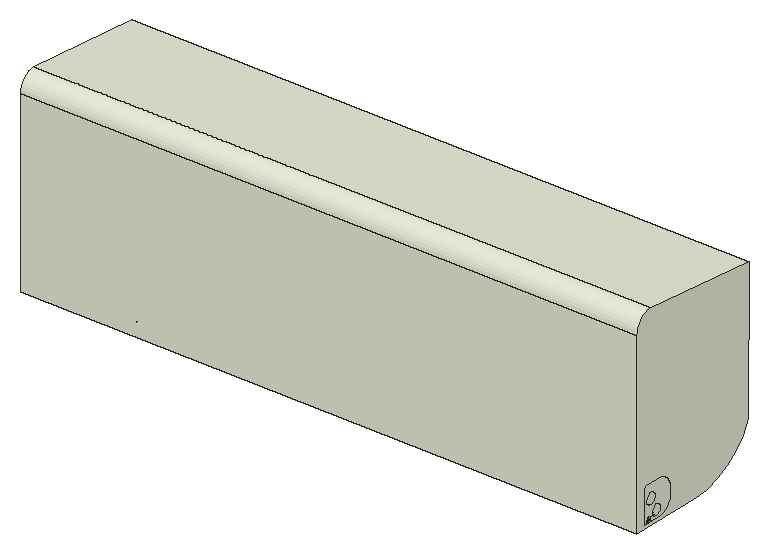
Revit family "Trane_TVR_Indoor_Wall mounted_4TVW0018EF000AA(2nd DC)", category Equipamento mecânico, Revit 2019
Family settings
  Cota do conector redondo = Utilizar diâmetro
  Tipo de parte = Normal
  Número OmniClass = 23.75.00.00
  Título OmniClass = Climate Control (HVAC)
  Com base no plano de trabalho = Não
  Sempre na vertical = Sim
  Corte com vazios quando carregada = Não
  Compartilhado = Não
  Ponto de cálculo do ambiente = Não
Parameters (values of type "4TVW0018EF000AA")
  clearance access right = 0.000 mm
  clearance access left = 0.000 mm
  clearance access front = 0.000 mm
  clearance access behind = 0.000 mm
  clearance [instance] = no
  Width = 990.000 mm
  URL = "https://www.trane.com/commercial/latin-america/br/pt.html"
  Series = "TVR ULTRA"
  Power supply = "220-240V ~50/60Hz"
  Panel color = "S1022"
  Net Weight = 12.80 kg
  Modelo = "4TVW0018EF000AA"
  Minimum Circuit Amps = 0.49 A
  Maximum Fuse Amps = 15 A
  Fabricante = "Trane"
  Machine material = Galvanized Steel
  Liquid pipe = 9.530 mm
  Installation = "Indoor installation"
  Height = 315.000 mm
  Heating Power Input = 45 W
  Heating Capacity = 6.3 kW
  Gas pipe = 15.900 mm
  Gas = "R410a"
  Descrição = "High efficiency air cooled"
  Depth = 223.000 mm
  Cooling Power Input = 45 W
  Cooling Capacity = 5.6 kW
  Condensation = "air"
  Air  Flow = "747/713/685/648/613/578/547 m3/h"
Reference planes
  plane 1 "center(front/back)": y = 0
  plane 2: z = 0
  plane 3 "center(left/right)": x = 0
  plane 4: z = 315
Forms (mm)
  Extrusion 1, solid, material "Galvanized Steel" <- "Machine material", detail levels fine
    sketch origin (0, 125, 12.5) x (0, 1, 0) y (0, 0, 1)
      loop
        circle (-113.005, 29.131) r 8.25
    from -327.547 to 495
  Extrusion 2, solid, material "Galvanized Steel" <- "Machine material", detail levels fine
    sketch origin (0, 123.592, 9.769) x (0, 1, 0) y (0, 0, 1)
      loop
        circle (-100.476, 10.907) r 7.95
    from -327.547 to 495
  Extrusion 3, solid, material "Galvanized Steel" <- "Machine material", detail levels fine
    sketch origin (0, 127.199, 0) x (0, 1, 0) y (0, 0, 1)
      loop
        circle (-119.554, 12.9) r 4.765
    from -327.547 to 495
  Extrusion 4, solid, material "Galvanized Steel" <- "Machine material", detail levels medium+fine
    sketch origin (0, 0, 0) x (0, 1, 0) y (0, 0, 1)
      loop
        line (-15.153, 3.096) -> (102.269, 3.096)
        arc (102.269, 3.096) -> (164.737, 21.198) -> (207.847, 69.896) r 116.833
        line (207.847, 69.896) -> (207.847, 295.428) -> (12.607, 314.663)
        arc (12.607, 314.663) -> (-7.022, 306.533) -> (-15.153, 286.904) r 27.759
        line (-15.153, 286.904) -> (-15.153, 3.096)
    from 495 to -495
  Extrusion 5, solid, material "Galvanized Steel" <- "Machine material", detail levels fine
    sketch origin (0, 0, 0) x (0, 1, 0) y (0, 0, 1)
      loop
        arc (101.5, 0) -> (137.495, 5.734) -> (169.928, 22.368) r 115.852
        line (169.928, 22.368) -> (162.857, 29.439) -> (91.134, 7.511) -> (91.134, 0) -> (101.5, 0)
    from 435 to -435
  Extrusion 6, solid, material "Galvanized Steel" <- "Machine material", detail levels fine
    sketch origin (0, 0, 0) x (0, 1, 0) y (0, 0, 1)
      loop
        line (0, 63) -> (0, 9) -> (30, 9)
        arc (30, 9) -> (44.142, 14.858) -> (50, 29) r 20
        line (50, 29) -> (50, 43)
        arc (50, 43) -> (44.142, 57.142) -> (30, 63) r 20
        line (30, 63) -> (0, 63)
    from 495 to -495
Lines and regions (mm)
  model lines, detail levels fine
    curve 1: line (435, 183.698, 297.807) -> (-320, 183.698, 297.807)
    curve 2: line (-320, 183.698, 297.807) -> (-320, 33.076, 312.647)
    curve 3: line (-320, 33.076, 312.647) -> (435, 33.076, 312.647)
    curve 4: line (435, 33.076, 312.647) -> (435, 183.698, 297.807)
    curve 5: line (-20, 33.076, 312.647) -> (-20, 183.698, 297.807)
    curve 6: line (130, 33.076, 312.647) -> (130, 183.698, 297.807)
    curve 7: line (-170, 33.076, 312.647) -> (-170, 183.698, 297.807)
    curve 8: line (205, 33.076, 312.647) -> (205, 183.698, 297.807)
    curve 9: line (55, 33.076, 312.647) -> (55, 183.698, 297.807)
    curve 10: line (-95, 33.076, 312.647) -> (-95, 183.698, 297.807)
    curve 11: line (-245, 33.076, 312.647) -> (-245, 183.698, 297.807)
    curve 12: line (435, 82.835, 307.744) -> (-320, 82.835, 307.744)
    curve 13: line (435, 133.939, 302.71) -> (-320, 133.939, 302.71)
    curve 14: line (202, 33.076, 312.647) -> (202, 183.698, 297.807)
    curve 15: line (127, 33.076, 312.647) -> (127, 183.698, 297.807)
    curve 16: line (52, 33.076, 312.647) -> (52, 183.698, 297.807)
    curve 17: line (-23, 33.076, 312.647) -> (-23, 183.698, 297.807)
    curve 18: line (-98, 33.076, 312.647) -> (-98, 183.698, 297.807)
    curve 19: line (-173, 33.076, 312.647) -> (-173, 183.698, 297.807)
    curve 20: line (-248, 33.076, 312.647) -> (-248, 183.698, 297.807)
    curve 21: line (435, 79.85, 308.038) -> (-320, 79.85, 308.038)
    curve 22: line (435, 136.924, 302.415) -> (-320, 136.924, 302.415)
    curve 39: line (280, 33.076, 312.647) -> (280, 183.698, 297.807)
    curve 40: line (277, 33.076, 312.647) -> (277, 183.698, 297.807)
    curve 41: line (355, 33.076, 312.647) -> (355, 183.698, 297.807)
    curve 42: line (352, 33.076, 312.647) -> (352, 183.698, 297.807)
  model lines
    curve 23: line (495, 207.847, 295.428) -> (495, 12.607, 314.663)
    curve 24: line (495, 12.607, 314.663) -> (-495, 12.607, 314.663)
    curve 25: line (-495, 12.607, 314.663) -> (-495, 207.847, 295.428)
    curve 26: line (-495, 207.847, 295.428) -> (495, 207.847, 295.428)
    curve 27: line (-495, 207.847, 295.428) -> (-495, 207.847, 69.896)
    curve 28: line (-495, -15.153, 286.904) -> (-495, -15.153, 3.096)
    curve 29: arc (-495, 12.607, 314.663) -> (-495, -7.022, 306.533) -> (-495, -15.153, 286.904) r 27.759
    curve 30: line (-495, -15.153, 3.096) -> (-495, 102.269, 3.096)
    curve 31: arc (-495, 102.269, 3.096) -> (-495, 164.737, 21.198) -> (-495, 207.847, 69.896) r 116.833
    curve 32: line (495, -15.153, 286.904) -> (495, -15.153, 3.096)
    curve 33: arc (495, 12.607, 314.663) -> (495, -7.022, 306.533) -> (495, -15.153, 286.904) r 27.759
    curve 34: line (495, 207.847, 69.896) -> (495, 207.847, 295.428)
    curve 35: line (495, -15.153, 3.096) -> (495, 102.269, 3.096)
    curve 36: arc (495, 102.269, 3.096) -> (495, 164.737, 21.198) -> (495, 207.847, 69.896) r 116.833
    curve 37: line (495, 207.847, 69.896) -> (-495, 207.847, 69.896)
    curve 38: line (-495, -15.153, 3.096) -> (495, -15.153, 3.096)
Dimensions and locks
  "Height": level to plane 4
  "Depth": Extrusion 4 to Extrusion 4
  "Width": Extrusion 4 to Extrusion 4
  "Liquid pipe": diameter of Extrusion 3
  "Gas pipe": diameter of Extrusion 2
  aligned and locked: level to plane 2
Automatic sketch dimensions
  Extrusion 1 sketch curve to plane 1 "center(front/back)" = 11.995 mm
  level to Extrusion 1 sketch curve = 41.631 mm
  Extrusion 2 sketch curve to plane 1 "center(front/back)" = 23.116 mm
  level to Extrusion 2 sketch curve = 20.676 mm
  Extrusion 3 sketch curve to plane 1 "center(front/back)" = 7.645 mm
  level to Extrusion 3 sketch curve = 12.900 mm
  plane 1 "center(front/back)" to Extrusion 4 sketch curve = 15.153 mm
  level to Extrusion 4 sketch curve = 3.096 mm
  level to Extrusion 4 sketch curve = 69.896 mm
  Extrusion 4 sketch curve to plane 1 "center(front/back)" = 12.607 mm
  Extrusion 4 sketch curve to plane 1 "center(front/back)" = 102.269 mm
  Extrusion 4 sketch curve to Extrusion 4 sketch curve = 105.578 mm
  Extrusion 4 sketch curve to Extrusion 4 sketch curve = 175.499 mm
  Extrusion 4 sketch curve to Extrusion 4 sketch curve = 166.975 mm
  Extrusion 5 sketch curve to level = 0.000 mm
  Extrusion 5 sketch curve to plane 1 "center(front/back)" = 91.134 mm
  level to Extrusion 5 sketch curve = 7.511 mm
  Extrusion 5 sketch curve to Extrusion 5 sketch curve = 10.366 mm
  level to Extrusion 5 sketch curve = 29.439 mm
  Extrusion 5 sketch curve to Extrusion 5 sketch curve = 61.357 mm
  level to Extrusion 5 sketch curve = 22.368 mm
  Extrusion 5 sketch curve to Extrusion 5 sketch curve = 7.071 mm
  Extrusion 6 sketch curve to plane 1 "center(front/back)" = 0.000 mm
  level to Extrusion 6 sketch curve = 9.000 mm
  Extrusion 6 sketch curve to plane 1 "center(front/back)" = 30.000 mm  (x2)
  Extrusion 6 sketch curve to Extrusion 6 sketch curve = 20.000 mm
  Extrusion 6 sketch curve to Extrusion 6 sketch curve = 14.000 mm
  curve 27 to Extrusion 4 = 0.000 mm
  Extrusion 4 to curve 27 = 0.000 mm
  curve 34 to Extrusion 4 = 0.000 mm  (x2)
  curve 37 to Extrusion 4 = 0.000 mm  (x3)
  Extrusion 4 to curve 38 = 0.000 mm
  curve 38 to Extrusion 4 = 0.000 mm  (x2)
  curve 26 to Extrusion 4 = 0.000 mm
  Extrusion 4 to curve 26 = 0.000 mm
  curve 25 to Extrusion 4 = 0.000 mm  (x2)
  Extrusion 4 to curve 1 = 24.267 mm
  Extrusion 4 to curve 1 = 175.000 mm
  curve 3 to Extrusion 4 = 20.569 mm
  curve 1 to curve 22 = 47.000 mm
  curve 22 to curve 13 = 3.000 mm
  curve 12 to curve 3 = 50.000 mm
  curve 12 to curve 21 = 3.000 mm
  Extrusion 4 to curve 1 = 60.000 mm
  curve 1 to curve 20 = 72.000 mm
  curve 20 to curve 11 = 3.000 mm
  curve 11 to curve 19 = 72.000 mm
  curve 19 to curve 7 = 3.000 mm
  curve 7 to curve 18 = 72.000 mm
  curve 18 to curve 10 = 3.000 mm
  curve 10 to curve 17 = 72.000 mm
  curve 17 to curve 5 = 3.000 mm
  curve 5 to curve 16 = 72.000 mm
  curve 16 to curve 9 = 3.000 mm
  curve 9 to curve 15 = 72.000 mm
  curve 15 to curve 6 = 3.000 mm
  curve 6 to curve 14 = 72.000 mm
  curve 14 to curve 8 = 3.000 mm
  curve 8 to curve 40 = 72.000 mm
  curve 40 to curve 39 = 3.000 mm
  curve 39 to curve 42 = 72.000 mm
  curve 42 to curve 41 = 3.000 mm
  radius of Extrusion 1 sketch curve = 8.250 mm
  radius of Extrusion 2 sketch curve = 7.950 mm
  radius of Extrusion 3 sketch curve = 4.765 mm
  radius of curve 29 to Extrusion 4 = 0.000 mm
  radius of curve 31 to Extrusion 4 = 0.000 mm
  radius of curve 33 to Extrusion 4 = 0.000 mm
  radius of curve 36 to Extrusion 4 = 0.000 mm
Connectors
  piping at (495, 11.995, 41.631), diameter 16.5
    settings: on Extrusion 1, index 5, connector inside diameter 16.5 mm, connector length 0.000 mm, flow factor 0, pipe flow 0.0 m³/h, pressure drop 0.0 Pa, fitting loss kfactor 0, connector angle 0.00°, fixture units 0, engagement length 0.000 mm, angle of deflection 0.00°, flow configuration 1, flow direction 2, fitting loss method 0, system type 29, joint type 0, gender type 0, connector reference index -1, connector utility 0, adjustable connector no, is connector primary yes, connector description "Drain pipe OD Φ 16.5mm"
  piping at (495, 23.116, 20.676), diameter 15.9
    settings: on Extrusion 2, index 6, connector inside diameter 15.9 mm, connector length 0.000 mm, flow factor 0, pipe flow 0.0 m³/h, pressure drop 0.0 Pa, fitting loss kfactor 0, connector angle 0.00°, fixture units 0, engagement length 0.000 mm, angle of deflection 0.00°, flow configuration 1, flow direction 0, fitting loss method 4, system type 22, joint type 0, gender type 0, connector reference index -1, connector utility 0, adjustable connector no, is connector primary no, connector description "Gas pipe Φ15.9mm"
  piping at (495, 7.645, 12.9), diameter 9.53
    settings: on Extrusion 3, index 7, connector inside diameter 9.53 mm, connector length 0.000 mm, flow factor 0, pipe flow 0.0 m³/h, pressure drop 0.0 Pa, fitting loss kfactor 0, connector angle 0.00°, fixture units 0, engagement length 0.000 mm, angle of deflection 0.00°, flow configuration 1, flow direction 0, fitting loss method 4, system type 22, joint type 0, gender type 0, connector reference index -1, connector utility 0, adjustable connector no, is connector primary no, connector description "Liquid pipe Φ9.53mm"
  electrical at (-495, 26.667, 36)
    settings: on Extrusion 6, index 8, voltage 220 V, apparent load 0 VA, apparent load phase1 0 VA, apparent load phase2 0 VA, apparent load phase3 0 VA, power factor 1, load classification "Power", number of poles 1, system type 30, power factor state 1, is connector primary yes, connector utility no, sub classification motor no, connector description "The location of electrical connectors is not the same as the actual location because the wiring terminal is inside the unit."
